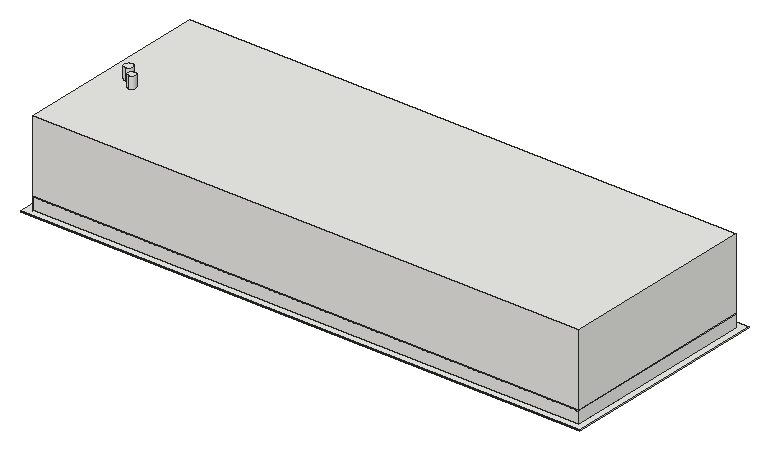
Revit family "AIRTECNICS_AIR CURTAIN_RECESSED WINDBOX_MG_DX-VRF_(LG)_0", category Mechanical Equipment, Revit 2016 (continued)
Definition of nested family "GEOM_WINDBOX_P_RECESSED_DX"
  Automatic sketch dimensions
    Extrusion 38 sketch curve to Extrusion 38 sketch curve = 0.0 mm  (x2)
    Extrusion 39 sketch curve to Extrusion 39 sketch curve = 3.028 mm
    Extrusion 39 sketch curve to Extrusion 39 sketch curve = 3.961 mm
    Extrusion 39 sketch curve to Extrusion 39 sketch curve = 2.97 mm
    Extrusion 39 sketch curve to Extrusion 39 sketch curve = 2.975 mm
    Extrusion 39 sketch curve to Extrusion 39 sketch curve = 0.557 mm
    Extrusion 39 sketch curve to Extrusion 39 sketch curve = 4.0 mm
    Extrusion 39 sketch curve to Extrusion 39 sketch curve = 3.966 mm
    Extrusion 39 sketch curve to Extrusion 39 sketch curve = 0.0 mm  (x2)
    Extrusion 38 sketch curve to Extrusion 38 sketch curve = 25.946 mm
    Extrusion 38 sketch curve to Extrusion 38 sketch curve = 2.037 mm
    Extrusion 38 sketch curve to Extrusion 38 sketch curve = 2.578 mm
    Extrusion 38 sketch curve to Extrusion 38 sketch curve = 2.611 mm
    Extrusion 38 sketch curve to Extrusion 38 sketch curve = 23.162 mm
    Extrusion 39 sketch curve to Extrusion 39 sketch curve = 25.946 mm
    Extrusion 39 sketch curve to Extrusion 39 sketch curve = 2.037 mm
    Extrusion 39 sketch curve to Extrusion 39 sketch curve = 2.578 mm
    Extrusion 39 sketch curve to Extrusion 39 sketch curve = 2.611 mm
    Extrusion 39 sketch curve to Extrusion 39 sketch curve = 23.162 mm
    Extrusion 37 sketch curve to Extrusion 37 sketch curve = 74.0 mm
    Extrusion 37 sketch curve to Extrusion 37 sketch curve = 43.504 mm
    Extrusion 27 sketch curve to Extrusion 27 sketch curve = 74.0 mm
    Extrusion 27 sketch curve to Extrusion 27 sketch curve = 43.504 mm
    Extrusion 30 sketch curve to Extrusion 30 sketch curve = 74.0 mm
    Extrusion 30 sketch curve to Extrusion 30 sketch curve = 43.504 mm
    Extrusion 4 sketch curve to plane 11 = 0.0 mm
    Extrusion 7 sketch curve to plane 3 "Centro (Izquierda/Derecha)" = 0.0 mm
    plane 8 to Extrusion 11 sketch curve = 0.0 mm
    Extrusion 11 sketch curve to plane 24 = 0.0 mm
    Extrusion 11 sketch curve to plane 4 = 0.0 mm
    Extrusion 11 sketch curve to plane 8 = 10.0 mm
    Extrusion 12 sketch curve to plane 24 = 0.0 mm
    Extrusion 12 sketch curve to plane 4 = 0.0 mm
    Extrusion 12 sketch curve to plane 7 = 0.0 mm
    Extrusion 12 sketch curve to plane 7 = 10.0 mm
    Sweep 19 sketch curve to profile plane = 0.0 mm
    Sweep 19 sketch curve to Sweep 19 sketch curve = 0.0 mm  (x2)
    plane 24 to Extrusion 20 sketch curve = 20.494 mm  (x2)
    Extrusion 20 sketch curve to plane 11 = 41.908 mm
    plane 24 to Extrusion 20 sketch curve = 1.964 mm  (x6)
    Extrusion 20 sketch curve to Extrusion 20 sketch curve = 3.179 mm
    Extrusion 20 sketch curve to Extrusion 20 sketch curve = 1.478 mm  (x3)
    Extrusion 20 sketch curve to Extrusion 20 sketch curve = 4.657 mm  (x5)
    Extrusion 20 sketch curve to Extrusion 20 sketch curve = 16.188 mm
    Extrusion 20 sketch curve to plane 11 = 13.228 mm
    plane 11 to Extrusion 20 sketch curve = 9.843 mm
    plane 11 to Extrusion 20 sketch curve = 13.022 mm
    Extrusion 20 sketch curve to Extrusion 20 sketch curve = 0.254 mm  (x3)
    Extrusion 20 sketch curve to Extrusion 20 sketch curve = 18.53 mm
    Extrusion 20 sketch curve to Extrusion 20 sketch curve = 0.0 mm
    Extrusion 20 sketch curve to Extrusion 20 sketch curve = 0.799 mm  (x3)
    plane 1 "Centro (Frontal/Posterior)" to Extrusion 24 sketch curve = 21.764 mm
    Extrusion 24 sketch curve to plane 11 = 43.471 mm
    plane 24 to Extrusion 24 sketch curve = 3.073 mm
    Extrusion 24 sketch curve to Extrusion 24 sketch curve = 3.028 mm
    Extrusion 24 sketch curve to Extrusion 24 sketch curve = 3.961 mm
    Extrusion 24 sketch curve to Extrusion 24 sketch curve = 2.97 mm
    plane 24 to Extrusion 24 sketch curve = 0.496 mm
    Extrusion 24 sketch curve to plane 11 = 11.527 mm
    Extrusion 24 sketch curve to plane 11 = 9.49 mm
    plane 24 to Extrusion 24 sketch curve = 3.107 mm
    Extrusion 24 sketch curve to Extrusion 24 sketch curve = 2.975 mm
    Extrusion 24 sketch curve to Extrusion 24 sketch curve = 0.557 mm
    Extrusion 24 sketch curve to Extrusion 24 sketch curve = 4.0 mm
    Extrusion 24 sketch curve to Extrusion 24 sketch curve = 3.966 mm
    Extrusion 24 sketch curve to Extrusion 24 sketch curve = 0.0 mm  (x2)
    plane 1 "Centro (Frontal/Posterior)" to Extrusion 45 sketch curve = 21.764 mm
    Extrusion 45 sketch curve to plane 11 = 43.471 mm
    plane 24 to Extrusion 45 sketch curve = 3.073 mm
    Extrusion 45 sketch curve to Extrusion 45 sketch curve = 3.028 mm
    Extrusion 45 sketch curve to Extrusion 45 sketch curve = 3.961 mm
    Extrusion 45 sketch curve to Extrusion 45 sketch curve = 2.97 mm
    plane 24 to Extrusion 45 sketch curve = 0.496 mm
    Extrusion 45 sketch curve to plane 11 = 11.527 mm
    Extrusion 45 sketch curve to plane 11 = 9.49 mm
    plane 24 to Extrusion 45 sketch curve = 3.107 mm
    Extrusion 45 sketch curve to Extrusion 45 sketch curve = 2.975 mm
    Extrusion 45 sketch curve to Extrusion 45 sketch curve = 0.557 mm
    Extrusion 45 sketch curve to Extrusion 45 sketch curve = 4.0 mm
    Extrusion 45 sketch curve to Extrusion 45 sketch curve = 3.966 mm
    Extrusion 45 sketch curve to Extrusion 45 sketch curve = 0.0 mm  (x2)
    Extrusion 46 sketch curve to Extrusion 46 sketch curve = 0.0 mm  (x40)
    level to Extrusion 46 sketch curve = 0.881 mm  (x10)
    plane 20 to Extrusion 46 sketch curve = 4.0 mm
    plane 24 to Extrusion 46 sketch curve = 0.179 mm  (x10)
    Extrusion 46 sketch curve to Extrusion 46 sketch curve = 0.07 mm  (x10)
    plane 20 to Extrusion 46 sketch curve = 4.744 mm
    plane 24 to Extrusion 46 sketch curve = 2.811 mm  (x10)
    Extrusion 46 sketch curve to plane 13 = 7.561 mm
    plane 24 to Extrusion 46 sketch curve = 1.787 mm  (x10)
    plane 13 to Extrusion 46 sketch curve = 6.25 mm
    plane 13 to Extrusion 46 sketch curve = 6.4 mm
    Extrusion 46 sketch curve to Extrusion 46 sketch curve = 0.594 mm  (x8)
    Extrusion 46 sketch curve to Extrusion 46 sketch curve = 0.8 mm  (x12)
    plane 13 to Extrusion 46 sketch curve = 7.7 mm
    Extrusion 46 sketch curve to Extrusion 46 sketch curve = 1.007 mm  (x8)
    Extrusion 46 sketch curve to Extrusion 46 sketch curve = 1.3 mm  (x8)
    Extrusion 46 sketch curve to Extrusion 46 sketch curve = 8.369 mm  (x9)
    Extrusion 46 sketch curve to Extrusion 46 sketch curve = 13.01 mm  (x7)
    Extrusion 46 sketch curve to Extrusion 46 sketch curve = 0.08 mm  (x7)
    plane 24 to Extrusion 46 sketch curve = 14.344 mm  (x9)
    plane 24 to Extrusion 46 sketch curve = 13.319 mm  (x9)
    Extrusion 46 sketch curve to Extrusion 46 sketch curve = 0.5 mm  (x2)
    Extrusion 46 sketch curve to Extrusion 46 sketch curve = 13.961 mm  (x2)
    Extrusion 46 sketch curve to Extrusion 46 sketch curve = 0.999 mm
    Extrusion 46 sketch curve to Extrusion 46 sketch curve = 1.743 mm
    Extrusion 46 sketch curve to Extrusion 46 sketch curve = 0.658 mm
    Extrusion 46 sketch curve to Extrusion 46 sketch curve = 8.732 mm  (x10)
    plane 7 to Extrusion 47 sketch curve = 2.0 mm
    plane 8 to Extrusion 47 sketch curve = 2.0 mm
    plane 20 to Extrusion 47 sketch curve = 1.976 mm
    Extrusion 47 sketch curve to plane 5 = 486.1 mm
    Extrusion 2 sketch curve to plane 11 = 55.1 mm
    plane 7 to Extrusion 21 sketch curve = 1.0 mm
    plane 8 to Extrusion 21 sketch curve = 1.0 mm
    Extrusion 5 sketch curve to plane 3 "Centro (Izquierda/Derecha)" = 0.0 mm
    Extrusion 5 sketch curve to plane 11 = 0.0 mm
    plane 1 "Centro (Frontal/Posterior)" to Extrusion 23 sketch curve = 4.0 mm
    Extrusion 23 sketch curve to plane 11 = 42.0 mm
    Extrusion 25 sketch curve to plane 11 = 43.471 mm
    plane 24 to Extrusion 25 sketch curve = 0.496 mm
    Extrusion 26 sketch curve to plane 11 = 43.471 mm
    plane 24 to Extrusion 26 sketch curve = 0.496 mm
    Extrusion 18 sketch curve to plane 7 = 25.0 mm
    Extrusion 16 sketch curve to plane 17 "P2-01" = 0.0 mm
    Extrusion 16 sketch curve to plane 19 "P2-03" = 0.0 mm
    Extrusion 17 sketch curve to plane 14 = 0.0 mm
    Extrusion 17 sketch curve to plane 15 "P1-01" = 0.0 mm
Types (21, lengths in mm): name | Weight | Product Size | Product Reference | Product Heating | Product Description | Power Fans | Noise Level (dB(A)) | Mainfolds | M | Length | Heating Capacity | Gas Coil Volume | G | External Ut. Reference | Expansion Valve | Dn_Metric_Refrig_Liquid | Dn_Metric_Refrig_Gas | DX VRF | DX Coil Rows = 4 | DX Coil Rows = 3 | DX Coil Rows | DX 1:1 | Current Fans | L | CT | CR | CM | CH | Apparent Load | Airflow
  WINDBOX RECG 2500 VRF29-LG | 163.00 kg | "2500" | "RECG 2500 VRF29-LG" | "Direct Expansion VRF system" | "Energy saving heat pump air curtain: Up to 70% reduction in costs and CO2 emissions (heating mode).\r\nSelf-supporting casing construction made of galvanized steel plate, ready to be installed recessed in a false ceiling. \r\nInlet grille (free of maintenance) made with aluminium profiles and blow-out nozzle, integrated in a single white frame colour RAL 9016. Other colours are available on request.  Internal prefilter included.\r\nAnodized aluminium outlet vanes, airfoil shaped, adjustable in both directions.\r\nDouble-inlet centrifugal fans driven by an external rotor motor and low noise level. 5-speed selector. EC models assembled with very low consumption efficiency fans. \r\nIncludes only heating direct expansion coil with installed temperature sensors. Under request it can be modified to work in cooling and heating mode (not recomended) with optional condensate water pump.\r\nPlug&Play control panel CS-5DX-NE slave DX with 5 speeds selector and 7m telephone cable included.\r\nReady to connect to LG VRF outdoor heat pump unit (R410A) and PRLK048A0 expansion valve not included, the customer should purchase it.\r\nRequires PAHCMRA000 LG VRF Interface KIT adapted for air curtain and PREMTB001 programmable control, please consult.\r\nAir Volume: 5110 m3/h \r\nFans:  0,497 kW  4,34 A 230Vx1 50/60Hz\r\nHeating capacity: 28,89 kW\r\nDimensions: 770x310x2550 mm (depth, height, length)\r\nNOT SUPPLIED BY AIRTÈCNICS:\r\nPAHCMRA000 Interface VRF kit and PREMTB001 programmable control.\r\nExpansion valve PRLK048A0.\r\nExternal unit VRF." | 0.497 kW | 64 | "7/8 & 1/2" | no | 2550.0 | 28.89 kW | 5.30 L | yes | "Not available" | "PRLK048A0" | 15 | 20 | yes | yes | no | 4 | no | 4.34 A | 2500.0 | 16 | 2 | 12 | 4 | 994 VA | 5110 m³/h
  WINDBOX RECG 2500 VRF25-LG | 163.00 kg | "2500" | "RECG 2500 VRF25-LG" | "Direct Expansion VRF system" | "Energy saving heat pump air curtain: Up to 70% reduction in costs and CO2 emissions (heating mode).\r\nSelf-supporting casing construction made of galvanized steel plate, ready to be installed recessed in a false ceiling. \r\nInlet grille (free of maintenance) made with aluminium profiles and blow-out nozzle, integrated in a single white frame colour RAL 9016. Other colours are available on request.  Internal prefilter included.\r\nAnodized aluminium outlet vanes, airfoil shaped, adjustable in both directions.\r\nDouble-inlet centrifugal fans driven by an external rotor motor and low noise level. 5-speed selector. EC models assembled with very low consumption efficiency fans. \r\nIncludes only heating direct expansion coil with installed temperature sensors. Under request it can be modified to work in cooling and heating mode (not recomended) with optional condensate water pump.\r\nPlug&Play control panel CS-5DX-NE slave DX with 5 speeds selector and 7m telephone cable included.\r\nReady to connect to LG VRF outdoor heat pump unit (R410A) and PRLK048A0 expansion valve not included, the customer should purchase it.\r\nRequires PAHCMRA000 LG VRF Interface KIT adapted for air curtain and PREMTB001 programmable control, please consult.\r\nAir Volume: 5110 m3/h \r\nFans:  0,497 kW  4,34 A 230Vx1 50/60Hz\r\nHeating capacity: 24,86 kW\r\nDimensions: 770x310x2550 mm (depth, height, length)\r\nNOT SUPPLIED BY AIRTÈCNICS:\r\nPAHCMRA000 Interface VRF kit and PREMTB001 programmable control.\r\nExpansion valve PRLK048A0.\r\nExternal unit VRF." | 0.497 kW | 64 | "7/8 & 1/2" | no | 2550.0 | 24.86 kW | 3.90 L | yes | "Not available" | "PRLK048A0" | 15 | 20 | yes | no | yes | 3 | no | 4.34 A | 2500.0 | 16 | 4 | 12 | 4 | 994 VA | 5110 m³/h
  WINDBOX RECG 2500 DX27-LG | 163.00 kg | "2500" | "RECG 2500 DX27-LG" | "Direct Expansion 1:1 system" | "Energy saving heat pump air curtain: Up to 70% reduction in costs and CO2 emissions (heating mode).\r\nSelf-supporting casing construction made of galvanized steel plate, ready to be installed recessed in a false ceiling. \r\nInlet grille (free of maintenance) made with aluminium profiles and blow-out nozzle, integrated in a single white frame colour RAL 9016. Other colours are available on request.  Internal prefilter included.\r\nAnodized aluminium outlet vanes, airfoil shaped, adjustable in both directions.\r\nDouble-inlet centrifugal fans driven by an external rotor motor and low noise level. 5-speed selector. EC models assembled with very low consumption efficiency fans. \r\nIncludes only heating direct expansion coil with installed temperature sensors. Under request it can be modified to work in cooling and heating mode (not recomended) with optional condensate water pump.\r\nPlug&Play control panel CS-5DX-NE slave DX with 5 speeds selector and 7m telephone cable included.\r\nReady to connect to LG Inverter outdoor heat pump unit (R410A) with expansion valve, not included, the customer should purchase it.\r\nRequires PAHCMRA000 LG DX Interface KIT adapted for air curtain and PREMTB001 programmable control, please consult.\r\nAir Volume: 5110 m3/h \r\nFans:  0,497 kW  4,34 A 230Vx1 50/60Hz\r\nHeating capacity: 27,00 kW\r\nDimensions: 770x310x2550 mm (depth, height, length)\r\nNOT SUPPLIED BY AIRTÈCNICS:\r\nPAHCMRA000 Interface DX kit and PREMTB001 programmable control.\r\nExternal unit:\r\n UU85W U74External unit with direct expansion valve LG, triple phase motor 400Vx3 50Hz.\r\nHeating capacity 27kW. Heating power: 8,31kW. COP 3,25.\r\nCooling capacity 23kW. Cooling power 8,19kW. EER 2,81.\r\nCooling circuits 7/8\" - 1/2\".\r\nMinimum length 5m.\r\nMaximum length 75m.\r\nDesnivell màxim 30m." | 0.497 kW | 64 | "7/8 & 1/2" | no | 2550.0 | 27 kW | 5.30 L | yes | "UU85W U74" | "Included on External Unit" | 15 | 20 | no | yes | no | 4 | yes | 4.34 A | 2500.0 | 16 | 2 | 12 | 2 | 994 VA | 5110 m³/h
  WINDBOX RECG 2500 DX22-LG | 163.00 kg | "2500" | "RECG 2500 DX22-LG" | "Direct Expansion 1:1 system" | "Energy saving heat pump air curtain: Up to 70% reduction in costs and CO2 emissions (heating mode).\r\nSelf-supporting casing construction made of galvanized steel plate, ready to be installed recessed in a false ceiling. \r\nInlet grille (free of maintenance) made with aluminium profiles and blow-out nozzle, integrated in a single white frame colour RAL 9016. Other colours are available on request.  Internal prefilter included.\r\nAnodized aluminium outlet vanes, airfoil shaped, adjustable in both directions.\r\nDouble-inlet centrifugal fans driven by an external rotor motor and low noise level. 5-speed selector. EC models assembled with very low consumption efficiency fans. \r\nIncludes only heating direct expansion coil with installed temperature sensors. Under request it can be modified to work in cooling and heating mode (not recomended) with optional condensate water pump.\r\nPlug&Play control panel CS-5DX-NE slave DX with 5 speeds selector and 7m telephone cable included.\r\nReady to connect to LG Inverter outdoor heat pump unit (R410A) with expansion valve, not included, the customer should purchase it.\r\nRequires PAHCMRA000 LG DX Interface KIT adapted for air curtain and PREMTB001 programmable control, please consult.\r\nAir Volume: 5110 m3/h \r\nFans:  0,497 kW  4,34 A 230Vx1 50/60Hz\r\nHeating capacity: 22,40 kW\r\nDimensions: 770x310x2550 mm (depth, height, length)\r\nNOT SUPPLIED BY AIRTÈCNICS:\r\nPAHCMRA000 Interface DX kit and PREMTB001 programmable control.\r\nExternal unit:\r\n UU70W U34External unit with direct expansion valve LG, triple phase motor 400Vx3 50Hz.\r\nHeating capacity 22,4kW. Heating power: 6,4kW. COP 3,5.\r\nCooling capacity 19kW. Cooling power 6,69kW. EER 2,84.\r\nCooling circuits 1\" - 3/8\".\r\nMinimum length 5m.\r\nMaximum length 75m.\r\nDesnivell màxim 30m." | 0.497 kW | 64 | "1\" & 3/8" | no | 2550.0 | 22.4 kW | 3.90 L | yes | "UU70W U34" | "Included on External Unit" | 10 | 25 | no | no | yes | 3 | yes | 4.34 A | 2500.0 | 16 | 4 | 12 | 2 | 994 VA | 5110 m³/h
  WINDBOX RECG 2000 VRF24-LG | 131.00 kg | "2000" | "RECG 2000 VRF24-LG" | "Direct Expansion VRF system" | "Energy saving heat pump air curtain: Up to 70% reduction in costs and CO2 emissions (heating mode).\r\nSelf-supporting casing construction made of galvanized steel plate, ready to be installed recessed in a false ceiling. \r\nInlet grille (free of maintenance) made with aluminium profiles and blow-out nozzle, integrated in a single white frame colour RAL 9016. Other colours are available on request.  Internal prefilter included.\r\nAnodized aluminium outlet vanes, airfoil shaped, adjustable in both directions.\r\nDouble-inlet centrifugal fans driven by an external rotor motor and low noise level. 5-speed selector. EC models assembled with very low consumption efficiency fans. \r\nIncludes only heating direct expansion coil with installed temperature sensors. Under request it can be modified to work in cooling and heating mode (not recomended) with optional condensate water pump.\r\nPlug&Play control panel CS-5DX-NE slave DX with 5 speeds selector and 7m telephone cable included.\r\nReady to connect to LG VRF outdoor heat pump unit (R410A) and PRLK048A0 expansion valve not included, the customer should purchase it.\r\nRequires PAHCMRA000 LG VRF Interface KIT adapted for air curtain and PREMTB001 programmable control, please consult.\r\nAir Volume: 4380 m3/h \r\nFans:  0,426 kW  3,72 A 230Vx1 50/60Hz\r\nHeating capacity: 23,63 kW\r\nDimensions: 770x310x2050 mm (depth, height, length)\r\nNOT SUPPLIED BY AIRTÈCNICS:\r\nPAHCMRA000 Interface VRF kit and PREMTB001 programmable control.\r\nExpansion valve PRLK048A0.\r\nExternal unit VRF." | 0.426 kW | 63 | "1\" & 3/8" | no | 2050.0 | 23.63 kW | 4.10 L | yes | "Not available" | "PRLK048A0" | 10 | 25 | yes | yes | no | 4 | no | 3.72 A | 2000.0 | 8 | 2 | 12 | 4 | 852 VA | 4380 m³/h
  WINDBOX RECG 2000 DX22-LG | 131.00 kg | "2000" | "RECG 2000 DX22-LG" | "Direct Expansion 1:1 system" | "Energy saving heat pump air curtain: Up to 70% reduction in costs and CO2 emissions (heating mode).\r\nSelf-supporting casing construction made of galvanized steel plate, ready to be installed recessed in a false ceiling. \r\nInlet grille (free of maintenance) made with aluminium profiles and blow-out nozzle, integrated in a single white frame colour RAL 9016. Other colours are available on request.  Internal prefilter included.\r\nAnodized aluminium outlet vanes, airfoil shaped, adjustable in both directions.\r\nDouble-inlet centrifugal fans driven by an external rotor motor and low noise level. 5-speed selector. EC models assembled with very low consumption efficiency fans. \r\nIncludes only heating direct expansion coil with installed temperature sensors. Under request it can be modified to work in cooling and heating mode (not recomended) with optional condensate water pump.\r\nPlug&Play control panel CS-5DX-NE slave DX with 5 speeds selector and 7m telephone cable included.\r\nReady to connect to LG Inverter outdoor heat pump unit (R410A) with expansion valve, not included, the customer should purchase it.\r\nRequires PAHCMRA000 LG DX Interface KIT adapted for air curtain and PREMTB001 programmable control, please consult.\r\nAir Volume: 4380 m3/h \r\nFans:  0,426 kW  3,72 A 230Vx1 50/60Hz\r\nHeating capacity: 22,40 kW\r\nDimensions: 770x310x2050 mm (depth, height, length)\r\nNOT SUPPLIED BY AIRTÈCNICS:\r\nPAHCMRA000 Interface DX kit and PREMTB001 programmable control.\r\nExternal unit:\r\n UU70W U34External unit with direct expansion valve LG, triple phase motor 400Vx3 50Hz.\r\nHeating capacity 22,4kW. Heating power: 6,4kW. COP 3,5.\r\nCooling capacity 19kW. Cooling power 6,69kW. EER 2,84.\r\nCooling circuits 1\" - 3/8\".\r\nMinimum length 5m.\r\nMaximum length 75m.\r\nDesnivell màxim 30m." | 0.426 kW | 63 | "1\" & 3/8" | no | 2050.0 | 22.4 kW | 4.10 L | yes | "UU70W U34" | "Included on External Unit" | 10 | 25 | no | yes | no | 4 | yes | 3.72 A | 2000.0 | 8 | 2 | 12 | 2 | 852 VA | 4380 m³/h
  WINDBOX RECG 1500 VRF15-LG | 98.00 kg | "1500" | "RECG 1500 VRF15-LG" | "Direct Expansion VRF system" | "Energy saving heat pump air curtain: Up to 70% reduction in costs and CO2 emissions (heating mode).\r\nSelf-supporting casing construction made of galvanized steel plate, ready to be installed recessed in a false ceiling. \r\nInlet grille (free of maintenance) made with aluminium profiles and blow-out nozzle, integrated in a single white frame colour RAL 9016. Other colours are available on request.  Internal prefilter included.\r\nAnodized aluminium outlet vanes, airfoil shaped, adjustable in both directions.\r\nDouble-inlet centrifugal fans driven by an external rotor motor and low noise level. 5-speed selector. EC models assembled with very low consumption efficiency fans. \r\nIncludes only heating direct expansion coil with installed temperature sensors. Under request it can be modified to work in cooling and heating mode (not recomended) with optional condensate water pump.\r\nPlug&Play control panel CS-5DX-NE slave DX with 5 speeds selector and 7m telephone cable included.\r\nReady to connect to LG VRF outdoor heat pump unit (R410A) and PRLK048A0 expansion valve not included, the customer should purchase it.\r\nRequires PAHCMRA000 LG VRF Interface KIT adapted for air curtain and PREMTB001 programmable control, please consult.\r\nAir Volume: 2920 m3/h \r\nFans:  0,284 kW  2,48 A 230Vx1 50/60Hz\r\nHeating capacity: 15,32 kW\r\nDimensions: 770x310x1550 mm (depth, height, length)\r\nNOT SUPPLIED BY AIRTÈCNICS:\r\nPAHCMRA000 Interface VRF kit and PREMTB001 programmable control.\r\nExpansion valve PRLK048A0.\r\nExternal unit VRF." | 0.284 kW | 62 | "5/8 & 3/8" | no | 1550.0 | 15.32 kW | 3.00 L | yes | "Not available" | "PRLK048A0" | 10 | 16 | yes | yes | no | 4 | no | 2.48 A | 1500.0 | 4 | 2 | 12 | 4 | 568 VA | 2920 m³/h
  WINDBOX RECG 1500 DX15-LG | 98.00 kg | "1500" | "RECG 1500 DX15-LG" | "Direct Expansion 1:1 system" | "Energy saving heat pump air curtain: Up to 70% reduction in costs and CO2 emissions (heating mode).\r\nSelf-supporting casing construction made of galvanized steel plate, ready to be installed recessed in a false ceiling. \r\nInlet grille (free of maintenance) made with aluminium profiles and blow-out nozzle, integrated in a single white frame colour RAL 9016. Other colours are available on request.  Internal prefilter included.\r\nAnodized aluminium outlet vanes, airfoil shaped, adjustable in both directions.\r\nDouble-inlet centrifugal fans driven by an external rotor motor and low noise level. 5-speed selector. EC models assembled with very low consumption efficiency fans. \r\nIncludes only heating direct expansion coil with installed temperature sensors. Under request it can be modified to work in cooling and heating mode (not recomended) with optional condensate water pump.\r\nPlug&Play control panel CS-5DX-NE slave DX with 5 speeds selector and 7m telephone cable included.\r\nReady to connect to LG Inverter outdoor heat pump unit (R410A) with expansion valve, not included, the customer should purchase it.\r\nRequires PAHCMRA000 LG DX Interface KIT adapted for air curtain and PREMTB001 programmable control, please consult.\r\nAir Volume: 2920 m3/h \r\nFans:  0,284 kW  2,48 A 230Vx1 50/60Hz\r\nHeating capacity: 15,32 kW\r\nDimensions: 770x310x1550 mm (depth, height, length)\r\nNOT SUPPLIED BY AIRTÈCNICS:\r\nPAHCMRA000 Interface DX kit and PREMTB001 programmable control.\r\nExternal unit:\r\nOption 1: UU48W U32\r\nExternal unit with direct expansion valve LG, single phase motor 230Vx1 50Hz.\r\nHeating capacity 15,4kW. Heating power: 4,39kW. COP 3,5.\r\nCooling capacity 14kW. Cooling power 4,1kW. EER 3,41.\r\nCooling circuits 5/8\" - 3/8\".\r\nMinimum length 5m.\r\nMaximum length 75m.\r\nDesnivell màxim 30m.\r\nOption 2: UU49W U32\r\nExternal unit with direct expansion valve LG, triple phase motor 400Vx3 50Hz.\r\nHeating capacity 15,4kW. Heating power: 4,39kW. COP 3,5.\r\nCooling capacity 14kW. Cooling power 4,1kW. EER 3,41.\r\nCooling circuits 5/8\" - 3/8\".\r\nMinimum length 5m.\r\nMaximum length 75m.\r\nDesnivell màxim 30m." | 0.284 kW | 62 | "5/8 & 3/8" | no | 1550.0 | 15.32 kW | 3.00 L | yes | "UU49W U32" | "Included on External Unit" | 10 | 16 | no | yes | no | 4 | yes | 2.48 A | 1500.0 | 4 | 2 | 12 | 2 | 568 VA | 2920 m³/h
  WINDBOX RECG 1000 VRF10-LG | 67.00 kg | "1000" | "RECG 1000 VRF10-LG" | "Direct Expansion VRF system" | "Energy saving heat pump air curtain: Up to 70% reduction in costs and CO2 emissions (heating mode).\r\nSelf-supporting casing construction made of galvanized steel plate, ready to be installed recessed in a false ceiling. \r\nInlet grille (free of maintenance) made with aluminium profiles and blow-out nozzle, integrated in a single white frame colour RAL 9016. Other colours are available on request.  Internal prefilter included.\r\nAnodized aluminium outlet vanes, airfoil shaped, adjustable in both directions.\r\nDouble-inlet centrifugal fans driven by an external rotor motor and low noise level. 5-speed selector. EC models assembled with very low consumption efficiency fans. \r\nIncludes only heating direct expansion coil with installed temperature sensors. Under request it can be modified to work in cooling and heating mode (not recomended) with optional condensate water pump.\r\nPlug&Play control panel CS-5DX-NE slave DX with 5 speeds selector and 7m telephone cable included.\r\nReady to connect to LG VRF outdoor heat pump unit (R410A) and PRLK048A0 expansion valve not included, the customer should purchase it.\r\nRequires PAHCMRA000 LG VRF Interface KIT adapted for air curtain and PREMTB001 programmable control, please consult.\r\nAir Volume: 2190 m3/h \r\nFans:  0,213 kW  1,86 A 230Vx1 50/60Hz\r\nHeating capacity: 9,70 kW\r\nDimensions: 770x310x1050 mm (depth, height, length)\r\nNOT SUPPLIED BY AIRTÈCNICS:\r\nPAHCMRA000 Interface VRF kit and PREMTB001 programmable control.\r\nExpansion valve PRLK048A0.\r\nExternal unit VRF." | 0.213 kW | 61 | "5/8 & 3/8" | no | 1050.0 | 9.7 kW | 1.80 L | yes | "Not available" | "PRLK048A0" | 10 | 16 | yes | yes | no | 4 | no | 1.86 A | 1000.0 | 2 | 2 | 12 | 4 | 426 VA | 2190 m³/h
  WINDBOX RECG 1000 DX9-LG | 67.00 kg | "1000" | "RECG 1000 DX9-LG" | "Direct Expansion 1:1 system" | "Energy saving heat pump air curtain: Up to 70% reduction in costs and CO2 emissions (heating mode).\r\nSelf-supporting casing construction made of galvanized steel plate, ready to be installed recessed in a false ceiling. \r\nInlet grille (free of maintenance) made with aluminium profiles and blow-out nozzle, integrated in a single white frame colour RAL 9016. Other colours are available on request.  Internal prefilter included.\r\nAnodized aluminium outlet vanes, airfoil shaped, adjustable in both directions.\r\nDouble-inlet centrifugal fans driven by an external rotor motor and low noise level. 5-speed selector. EC models assembled with very low consumption efficiency fans. \r\nIncludes only heating direct expansion coil with installed temperature sensors. Under request it can be modified to work in cooling and heating mode (not recomended) with optional condensate water pump.\r\nPlug&Play control panel CS-5DX-NE slave DX with 5 speeds selector and 7m telephone cable included.\r\nReady to connect to LG Inverter outdoor heat pump unit (R410A) with expansion valve, not included, the customer should purchase it.\r\nRequires PAHCMRA000 LG DX Interface KIT adapted for air curtain and PREMTB001 programmable control, please consult.\r\nAir Volume: 2190 m3/h \r\nFans:  0,213 kW  1,86 A 230Vx1 50/60Hz\r\nHeating capacity: 9,00 kW\r\nDimensions: 770x310x1050 mm (depth, height, length)\r\nNOT SUPPLIED BY AIRTÈCNICS:\r\nPAHCMRA000 Interface DX kit and PREMTB001 programmable control.\r\nExternal unit:\r\n UU30W U44\r\nExternal unit with direct expansion valve LG, single phase motor 230Vx1 50Hz.\r\nHeating capacity 9kW. Heating power: 2,62kW. SCOP 4.\r\nCooling capacity 7,8kW. Cooling power 2,41kW. SEER 6,1.\r\nCooling circuits 5/8\" - 3/8\".\r\nMinimum length 5m.\r\nMaximum length 50m.\r\nDesnivell màxim 30m." | 0.213 kW | 61 | "5/8 & 3/8" | no | 1050.0 | 9 kW | 1.80 L | yes | "Only Single Phase" | "Included on External Unit" | 10 | 16 | no | yes | no | 4 | yes | 1.86 A | 1000.0 | 2 | 2 | 12 | 2 | 426 VA | 2190 m³/h
  WINDBOX RECM 2500 VRF24-LG | 153.00 kg | "2500" | "RECM 2500 VRF24-LG" | "Direct Expansion VRF system" | "Energy saving heat pump air curtain: Up to 70% reduction in costs and CO2 emissions (heating mode).\r\nSelf-supporting casing construction made of galvanized steel plate, ready to be installed recessed in a false ceiling. \r\nInlet grille (free of maintenance) made with aluminium profiles and blow-out nozzle, integrated in a single white frame colour RAL 9016. Other colours are available on request.  Internal prefilter included.\r\nAnodized aluminium outlet vanes, airfoil shaped, adjustable in both directions.\r\nDouble-inlet centrifugal fans driven by an external rotor motor and low noise level. 5-speed selector. EC models assembled with very low consumption efficiency fans. \r\nIncludes only heating direct expansion coil with installed temperature sensors. Under request it can be modified to work in cooling and heating mode (not recomended) with optional condensate water pump.\r\nPlug&Play control panel CS-5DX-NE slave DX with 5 speeds selector and 7m telephone cable included.\r\nReady to connect to LG VRF outdoor heat pump unit (R410A) and PRLK048A0 expansion valve not included, the customer should purchase it.\r\nRequires PAHCMRA000 LG VRF Interface KIT adapted for air curtain and PREMTB001 programmable control, please consult.\r\nAir Volume: 4100 m3/h \r\nFans:  0,355 kW  3,1 A 230Vx1 50/60Hz\r\nHeating capacity: 24,38 kW\r\nDimensions: 770x310x2550 mm (depth, height, length)\r\nNOT SUPPLIED BY AIRTÈCNICS:\r\nPAHCMRA000 Interface VRF kit and PREMTB001 programmable control.\r\nExpansion valve PRLK048A0.\r\nExternal unit VRF." | 0.355 kW | 59 | "7/8 & 1/2" | yes | 2550.0 | 24.38 kW | 5.30 L | no | "Not available" | "PRLK048A0" | 15 | 20 | yes | yes | no | 4 | no | 3.1 A | 2500.0 | 16 | 2 | 6 | 4 | 710 VA | 4100 m³/h
  WINDBOX RECM 2500 VRF21-LG | 153.00 kg | "2500" | "RECM 2500 VRF21-LG" | "Direct Expansion VRF system" | "Energy saving heat pump air curtain: Up to 70% reduction in costs and CO2 emissions (heating mode).\r\nSelf-supporting casing construction made of galvanized steel plate, ready to be installed recessed in a false ceiling. \r\nInlet grille (free of maintenance) made with aluminium profiles and blow-out nozzle, integrated in a single white frame colour RAL 9016. Other colours are available on request.  Internal prefilter included.\r\nAnodized aluminium outlet vanes, airfoil shaped, adjustable in both directions.\r\nDouble-inlet centrifugal fans driven by an external rotor motor and low noise level. 5-speed selector. EC models assembled with very low consumption efficiency fans. \r\nIncludes only heating direct expansion coil with installed temperature sensors. Under request it can be modified to work in cooling and heating mode (not recomended) with optional condensate water pump.\r\nPlug&Play control panel CS-5DX-NE slave DX with 5 speeds selector and 7m telephone cable included.\r\nReady to connect to LG VRF outdoor heat pump unit (R410A) and PRLK048A0 expansion valve not included, the customer should purchase it.\r\nRequires PAHCMRA000 LG VRF Interface KIT adapted for air curtain and PREMTB001 programmable control, please consult.\r\nAir Volume: 4100 m3/h \r\nFans:  0,355 kW  3,1 A 230Vx1 50/60Hz\r\nHeating capacity: 21,20 kW\r\nDimensions: 770x310x2550 mm (depth, height, length)\r\nNOT SUPPLIED BY AIRTÈCNICS:\r\nPAHCMRA000 Interface VRF kit and PREMTB001 programmable control.\r\nExpansion valve PRLK048A0.\r\nExternal unit VRF." | 0.355 kW | 59 | "1\" & 3/8" | yes | 2550.0 | 21.2 kW | 3.90 L | no | "Not available" | "PRLK048A0" | 10 | 25 | yes | no | yes | 3 | no | 3.1 A | 2500.0 | 16 | 4 | 6 | 4 | 710 VA | 4100 m³/h
  WINDBOX RECM 2500 DX22-LG | 153.00 kg | "2500" | "RECM 2500 DX22-LG" | "Direct Expansion 1:1 system" | "Energy saving heat pump air curtain: Up to 70% reduction in costs and CO2 emissions (heating mode).\r\nSelf-supporting casing construction made of galvanized steel plate, ready to be installed recessed in a false ceiling. \r\nInlet grille (free of maintenance) made with aluminium profiles and blow-out nozzle, integrated in a single white frame colour RAL 9016. Other colours are available on request.  Internal prefilter included.\r\nAnodized aluminium outlet vanes, airfoil shaped, adjustable in both directions.\r\nDouble-inlet centrifugal fans driven by an external rotor motor and low noise level. 5-speed selector. EC models assembled with very low consumption efficiency fans. \r\nIncludes only heating direct expansion coil with installed temperature sensors. Under request it can be modified to work in cooling and heating mode (not recomended) with optional condensate water pump.\r\nPlug&Play control panel CS-5DX-NE slave DX with 5 speeds selector and 7m telephone cable included.\r\nReady to connect to LG Inverter outdoor heat pump unit (R410A) with expansion valve, not included, the customer should purchase it.\r\nRequires PAHCMRA000 LG DX Interface KIT adapted for air curtain and PREMTB001 programmable control, please consult.\r\nAir Volume: 4100 m3/h \r\nFans:  0,355 kW  3,1 A 230Vx1 50/60Hz\r\nHeating capacity: 22,40 kW\r\nDimensions: 770x310x2550 mm (depth, height, length)\r\nNOT SUPPLIED BY AIRTÈCNICS:\r\nPAHCMRA000 Interface DX kit and PREMTB001 programmable control.\r\nExternal unit:\r\n UU70W U34External unit with direct expansion valve LG, triple phase motor 400Vx3 50Hz.\r\nHeating capacity 22,4kW. Heating power: 6,4kW. COP 3,5.\r\nCooling capacity 19kW. Cooling power 6,69kW. EER 2,84.\r\nCooling circuits 1\" - 3/8\".\r\nMinimum length 5m.\r\nMaximum length 75m.\r\nDesnivell màxim 30m." | 0.355 kW | 59 | "1\" & 3/8" | yes | 2550.0 | 22.4 kW | 5.30 L | no | "UU70W U34" | "Included on External Unit" | 10 | 25 | no | yes | no | 4 | yes | 3.1 A | 2500.0 | 16 | 2 | 6 | 2 | 710 VA | 4100 m³/h
  WINDBOX RECM 2000 VRF19-LG | 122.00 kg | "2000" | "RECM 2000 VRF19-LG" | "Direct Expansion VRF system" | "Energy saving heat pump air curtain: Up to 70% reduction in costs and CO2 emissions (heating mode).\r\nSelf-supporting casing construction made of galvanized steel plate, ready to be installed recessed in a false ceiling. \r\nInlet grille (free of maintenance) made with aluminium profiles and blow-out nozzle, integrated in a single white frame colour RAL 9016. Other colours are available on request.  Internal prefilter included.\r\nAnodized aluminium outlet vanes, airfoil shaped, adjustable in both directions.\r\nDouble-inlet centrifugal fans driven by an external rotor motor and low noise level. 5-speed selector. EC models assembled with very low consumption efficiency fans. \r\nIncludes only heating direct expansion coil with installed temperature sensors. Under request it can be modified to work in cooling and heating mode (not recomended) with optional condensate water pump.\r\nPlug&Play control panel CS-5DX-NE slave DX with 5 speeds selector and 7m telephone cable included.\r\nReady to connect to LG VRF outdoor heat pump unit (R410A) and PRLK048A0 expansion valve not included, the customer should purchase it.\r\nRequires PAHCMRA000 LG VRF Interface KIT adapted for air curtain and PREMTB001 programmable control, please consult.\r\nAir Volume: 3280 m3/h \r\nFans:  0,284 kW  2,48 A 230Vx1 50/60Hz\r\nHeating capacity: 18,86 kW\r\nDimensions: 770x310x2050 mm (depth, height, length)\r\nNOT SUPPLIED BY AIRTÈCNICS:\r\nPAHCMRA000 Interface VRF kit and PREMTB001 programmable control.\r\nExpansion valve PRLK048A0.\r\nExternal unit VRF." | 0.284 kW | 58 | "1\" & 3/8" | yes | 2050.0 | 18.86 kW | 4.10 L | no | "Not available" | "PRLK048A0" | 10 | 25 | yes | yes | no | 4 | no | 2.48 A | 2000.0 | 8 | 2 | 6 | 4 | 568 VA | 3280 m³/h
  WINDBOX RECM 2000 VRF16-LG | 122.00 kg | "2000" | "RECM 2000 VRF16-LG" | "Direct Expansion VRF system" | "Energy saving heat pump air curtain: Up to 70% reduction in costs and CO2 emissions (heating mode).\r\nSelf-supporting casing construction made of galvanized steel plate, ready to be installed recessed in a false ceiling. \r\nInlet grille (free of maintenance) made with aluminium profiles and blow-out nozzle, integrated in a single white frame colour RAL 9016. Other colours are available on request.  Internal prefilter included.\r\nAnodized aluminium outlet vanes, airfoil shaped, adjustable in both directions.\r\nDouble-inlet centrifugal fans driven by an external rotor motor and low noise level. 5-speed selector. EC models assembled with very low consumption efficiency fans. \r\nIncludes only heating direct expansion coil with installed temperature sensors. Under request it can be modified to work in cooling and heating mode (not recomended) with optional condensate water pump.\r\nPlug&Play control panel CS-5DX-NE slave DX with 5 speeds selector and 7m telephone cable included.\r\nReady to connect to LG VRF outdoor heat pump unit (R410A) and PRLK048A0 expansion valve not included, the customer should purchase it.\r\nRequires PAHCMRA000 LG VRF Interface KIT adapted for air curtain and PREMTB001 programmable control, please consult.\r\nAir Volume: 3280 m3/h \r\nFans:  0,284 kW  2,48 A 230Vx1 50/60Hz\r\nHeating capacity: 16,44 kW\r\nDimensions: 770x310x2050 mm (depth, height, length)\r\nNOT SUPPLIED BY AIRTÈCNICS:\r\nPAHCMRA000 Interface VRF kit and PREMTB001 programmable control.\r\nExpansion valve PRLK048A0.\r\nExternal unit VRF." | 0.284 kW | 58 | "5/8 & 3/8" | yes | 2050.0 | 16.44 kW | 3.10 L | no | "Not available" | "PRLK048A0" | 10 | 16 | yes | no | yes | 3 | no | 2.48 A | 2000.0 | 8 | 4 | 6 | 4 | 568 VA | 3280 m³/h
  WINDBOX RECM 2000 DX17-LG | 122.00 kg | "2000" | "RECM 2000 DX17-LG" | "Direct Expansion 1:1 system" | "Energy saving heat pump air curtain: Up to 70% reduction in costs and CO2 emissions (heating mode).\r\nSelf-supporting casing construction made of galvanized steel plate, ready to be installed recessed in a false ceiling. \r\nInlet grille (free of maintenance) made with aluminium profiles and blow-out nozzle, integrated in a single white frame colour RAL 9016. Other colours are available on request.  Internal prefilter included.\r\nAnodized aluminium outlet vanes, airfoil shaped, adjustable in both directions.\r\nDouble-inlet centrifugal fans driven by an external rotor motor and low noise level. 5-speed selector. EC models assembled with very low consumption efficiency fans. \r\nIncludes only heating direct expansion coil with installed temperature sensors. Under request it can be modified to work in cooling and heating mode (not recomended) with optional condensate water pump.\r\nPlug&Play control panel CS-5DX-NE slave DX with 5 speeds selector and 7m telephone cable included.\r\nReady to connect to LG Inverter outdoor heat pump unit (R410A) with expansion valve, not included, the customer should purchase it.\r\nRequires PAHCMRA000 LG DX Interface KIT adapted for air curtain and PREMTB001 programmable control, please consult.\r\nAir Volume: 3280 m3/h \r\nFans:  0,284 kW  2,48 A 230Vx1 50/60Hz\r\nHeating capacity: 17,00 kW\r\nDimensions: 770x310x2050 mm (depth, height, length)\r\nNOT SUPPLIED BY AIRTÈCNICS:\r\nPAHCMRA000 Interface DX kit and PREMTB001 programmable control.\r\nExternal unit:\r\nOption 1: UU60W U32\r\nExternal unit with direct expansion valve LG, single phase motor 230Vx1 50Hz.\r\nHeating capacity 16,8kW. Heating power: 4,79kW. COP 3,51.\r\nCooling capacity 14,8kW. Cooling power 5,53kW. EER 3,31.\r\nCooling circuits 5/8\" - 3/8\".\r\nMinimum length 5m.\r\nMaximum length 75m.\r\nDesnivell màxim 30m.\r\nOption 2: UU61W U32\r\nExternal unit with direct expansion valve LG, triple phase motor 400Vx3 50Hz.\r\nHeating capacity 16,8kW. Heating power: 4,79kW. COP 3,51.\r\nCooling capacity 14,8kW. Cooling power 5,53kW. EER 3,31.\r\nCooling circuits 5/8\" - 3/8\".\r\nMinimum length 5m.\r\nMaximum length 75m.\r\nDesnivell màxim 30m." | 0.284 kW | 58 | "5/8 & 3/8" | yes | 2050.0 | 17 kW | 4.10 L | no | "UU61W U32" | "Included on External Unit" | 10 | 16 | no | yes | no | 4 | yes | 2.48 A | 2000.0 | 8 | 2 | 6 | 2 | 568 VA | 3280 m³/h
  WINDBOX RECM 2000 DX15-LG | 122.00 kg | "2000" | "RECM 2000 DX15-LG" | "Direct Expansion 1:1 system" | "Energy saving heat pump air curtain: Up to 70% reduction in costs and CO2 emissions (heating mode).\r\nSelf-supporting casing construction made of galvanized steel plate, ready to be installed recessed in a false ceiling. \r\nInlet grille (free of maintenance) made with aluminium profiles and blow-out nozzle, integrated in a single white frame colour RAL 9016. Other colours are available on request.  Internal prefilter included.\r\nAnodized aluminium outlet vanes, airfoil shaped, adjustable in both directions.\r\nDouble-inlet centrifugal fans driven by an external rotor motor and low noise level. 5-speed selector. EC models assembled with very low consumption efficiency fans. \r\nIncludes only heating direct expansion coil with installed temperature sensors. Under request it can be modified to work in cooling and heating mode (not recomended) with optional condensate water pump.\r\nPlug&Play control panel CS-5DX-NE slave DX with 5 speeds selector and 7m telephone cable included.\r\nReady to connect to LG Inverter outdoor heat pump unit (R410A) with expansion valve, not included, the customer should purchase it.\r\nRequires PAHCMRA000 LG DX Interface KIT adapted for air curtain and PREMTB001 programmable control, please consult.\r\nAir Volume: 3280 m3/h \r\nFans:  0,284 kW  2,48 A 230Vx1 50/60Hz\r\nHeating capacity: 15,4 kW\r\nDimensions: 770x310x2050 mm (depth, height, length)\r\nNOT SUPPLIED BY AIRTÈCNICS:\r\nPAHCMRA000 Interface DX kit and PREMTB001 programmable control.\r\nExternal unit:\r\nOption 1: UU48W U32\r\nExternal unit with direct expansion valve LG, single phase motor 230Vx1 50Hz.\r\nHeating capacity 15,4kW. Heating power: 4,39kW. COP 3,5.\r\nCooling capacity 14kW. Cooling power 4,1kW. EER 3,41.\r\nCooling circuits 5/8\" - 3/8\".\r\nMinimum length 5m.\r\nMaximum length 75m.\r\nDesnivell màxim 30m.\r\nOption 2: UU49W U32\r\nExternal unit with direct expansion valve LG, triple phase motor 400Vx3 50Hz.\r\nHeating capacity 15,4kW. Heating power: 4,39kW. COP 3,5.\r\nCooling capacity 14kW. Cooling power 4,1kW. EER 3,41.\r\nCooling circuits 5/8\" - 3/8\".\r\nMinimum length 5m.\r\nMaximum length 75m.\r\nDesnivell màxim 30m." | 0.284 kW | 58 | "5/8 & 3/8" | yes | 2050.0 | 15.4 kW | 3.10 L | no | "UU49W U32" | "Included on External Unit" | 10 | 16 | no | no | yes | 3 | yes | 2.48 A | 2000.0 | 8 | 4 | 6 | 2 | 568 VA | 3280 m³/h
  WINDBOX RECM 1500 VRF13-LG | 93.00 kg | "1500" | "RECM 1500 VRF13-LG" | "Direct Expansion VRF system" | "Energy saving heat pump air curtain: Up to 70% reduction in costs and CO2 emissions (heating mode).\r\nSelf-supporting casing construction made of galvanized steel plate, ready to be installed recessed in a false ceiling. \r\nInlet grille (free of maintenance) made with aluminium profiles and blow-out nozzle, integrated in a single white frame colour RAL 9016. Other colours are available on request.  Internal prefilter included.\r\nAnodized aluminium outlet vanes, airfoil shaped, adjustable in both directions.\r\nDouble-inlet centrifugal fans driven by an external rotor motor and low noise level. 5-speed selector. EC models assembled with very low consumption efficiency fans. \r\nIncludes only heating direct expansion coil with installed temperature sensors. Under request it can be modified to work in cooling and heating mode (not recomended) with optional condensate water pump.\r\nPlug&Play control panel CS-5DX-NE slave DX with 5 speeds selector and 7m telephone cable included.\r\nReady to connect to LG VRF outdoor heat pump unit (R410A) and PRLK048A0 expansion valve not included, the customer should purchase it.\r\nRequires PAHCMRA000 LG VRF Interface KIT adapted for air curtain and PREMTB001 programmable control, please consult.\r\nAir Volume: 2460 m3/h \r\nFans:  0,213 kW  1,86 A 230Vx1 50/60Hz\r\nHeating capacity: 13,47 kW\r\nDimensions: 770x310x1550 mm (depth, height, length)\r\nNOT SUPPLIED BY AIRTÈCNICS:\r\nPAHCMRA000 Interface VRF kit and PREMTB001 programmable control.\r\nExpansion valve PRLK048A0.\r\nExternal unit VRF." | 0.213 kW | 57 | "5/8 & 3/8" | yes | 1550.0 | 13.47 kW | 3.00 L | no | "Not available" | "PRLK048A0" | 10 | 16 | yes | yes | no | 4 | no | 1.86 A | 1500.0 | 4 | 2 | 6 | 4 | 426 VA | 2460 m³/h
  WINDBOX RECM 1500 DX11-LG | 93.00 kg | "1500" | "RECM 1500 DX11-LG" | "Direct Expansion 1:1 system" | "Energy saving heat pump air curtain: Up to 70% reduction in costs and CO2 emissions (heating mode).\r\nSelf-supporting casing construction made of galvanized steel plate, ready to be installed recessed in a false ceiling. \r\nInlet grille (free of maintenance) made with aluminium profiles and blow-out nozzle, integrated in a single white frame colour RAL 9016. Other colours are available on request.  Internal prefilter included.\r\nAnodized aluminium outlet vanes, airfoil shaped, adjustable in both directions.\r\nDouble-inlet centrifugal fans driven by an external rotor motor and low noise level. 5-speed selector. EC models assembled with very low consumption efficiency fans. \r\nIncludes only heating direct expansion coil with installed temperature sensors. Under request it can be modified to work in cooling and heating mode (not recomended) with optional condensate water pump.\r\nPlug&Play control panel CS-5DX-NE slave DX with 5 speeds selector and 7m telephone cable included.\r\nReady to connect to LG Inverter outdoor heat pump unit (R410A) with expansion valve, not included, the customer should purchase it.\r\nRequires PAHCMRA000 LG DX Interface KIT adapted for air curtain and PREMTB001 programmable control, please consult.\r\nAir Volume: 2460 m3/h \r\nFans:  0,213 kW  1,86 A 230Vx1 50/60Hz\r\nHeating capacity: 11,2 kW\r\nDimensions: 770x310x1550 mm (depth, height, length)\r\nNOT SUPPLIED BY AIRTÈCNICS:\r\nPAHCMRA000 Interface DX kit and PREMTB001 programmable control.\r\nExternal unit:\r\nOption 1: UU36W UO2\r\nExternal unit with direct expansion valve LG, single phase motor 230Vx1 50Hz.\r\nHeating capacity 11,2kW. Heating power: 3,19kW. SCOP 3,81.\r\nCooling capacity 10kW. Cooling power 3,12kW. SEER 5,11.\r\nCooling circuits 5/8\" - 3/8\".\r\nMinimum length 5m.\r\nMaximum length 50m.\r\nDesnivell màxim 30m.\r\nOption 2: UU37W UO2\r\nExternal unit with direct expansion valve LG, triple phase motor 400Vx3 50Hz.\r\nHeating capacity 11,2kW. Heating power: 3,19kW. SCOP 3,81.\r\nCooling capacity 10kW. Cooling power 3,12kW. SEER 5,11.\r\nCooling circuits 5/8\" - 3/8\".\r\nMinimum length 5m.\r\nMaximum length 50m.\r\nDesnivell màxim 30m." | 0.213 kW | 57 | "5/8 & 3/8" | yes | 1550.0 | 11.2 kW | 2.20 L | no | "UU37W UO2" | "Included on External Unit" | 10 | 16 | no | no | yes | 3 | yes | 1.86 A | 1500.0 | 4 | 4 | 6 | 2 | 426 VA | 2460 m³/h
  WINDBOX RECM 1000 VRF8-LG | 63.00 kg | "1000" | "RECM 1000 VRF8-LG" | "Direct Expansion VRF system" | "Energy saving heat pump air curtain: Up to 70% reduction in costs and CO2 emissions (heating mode).\r\nSelf-supporting casing construction made of galvanized steel plate, ready to be installed recessed in a false ceiling. \r\nInlet grille (free of maintenance) made with aluminium profiles and blow-out nozzle, integrated in a single white frame colour RAL 9016. Other colours are available on request.  Internal prefilter included.\r\nAnodized aluminium outlet vanes, airfoil shaped, adjustable in both directions.\r\nDouble-inlet centrifugal fans driven by an external rotor motor and low noise level. 5-speed selector. EC models assembled with very low consumption efficiency fans. \r\nIncludes only heating direct expansion coil with installed temperature sensors. Under request it can be modified to work in cooling and heating mode (not recomended) with optional condensate water pump.\r\nPlug&Play control panel CS-5DX-NE slave DX with 5 speeds selector and 7m telephone cable included.\r\nReady to connect to LG VRF outdoor heat pump unit (R410A) and PRLK048A0 expansion valve not included, the customer should purchase it.\r\nRequires PAHCMRA000 LG VRF Interface KIT adapted for air curtain and PREMTB001 programmable control, please consult.\r\nAir Volume: 1640 m3/h \r\nFans:  0,142 kW  1,24 A 230Vx1 50/60Hz\r\nHeating capacity: 7,9 kW\r\nDimensions: 770x310x1050 mm (depth, height, length)\r\nNOT SUPPLIED BY AIRTÈCNICS:\r\nPAHCMRA000 Interface VRF kit and PREMTB001 programmable control.\r\nExpansion valve PRLK048A0.\r\nExternal unit VRF." | 0.142 kW | 56 | "5/8 & 3/8" | yes | 1050.0 | 7.9 kW | 1.80 L | no | "Not available" | "PRLK048A0" | 10 | 16 | yes | yes | no | 4 | no | 1.24 A | 1000.0 | 2 | 2 | 6 | 4 | 145 VA | 1640 m³/h
  WINDBOX RECM 1000 DX8-LG | 63.00 kg | "1000" | "RECM 1000 DX8-LG" | "Direct Expansion 1:1 system" | "Energy saving heat pump air curtain: Up to 70% reduction in costs and CO2 emissions (heating mode).\r\nSelf-supporting casing construction made of galvanized steel plate, ready to be installed recessed in a false ceiling. \r\nInlet grille (free of maintenance) made with aluminium profiles and blow-out nozzle, integrated in a single white frame colour RAL 9016. Other colours are available on request.  Internal prefilter included.\r\nAnodized aluminium outlet vanes, airfoil shaped, adjustable in both directions.\r\nDouble-inlet centrifugal fans driven by an external rotor motor and low noise level. 5-speed selector. EC models assembled with very low consumption efficiency fans. \r\nIncludes only heating direct expansion coil with installed temperature sensors. Under request it can be modified to work in cooling and heating mode (not recomended) with optional condensate water pump.\r\nPlug&Play control panel CS-5DX-NE slave DX with 5 speeds selector and 7m telephone cable included.\r\nReady to connect to LG Inverter outdoor heat pump unit (R410A) with expansion valve, not included, the customer should purchase it.\r\nRequires PAHCMRA000 LG DX Interface KIT adapted for air curtain and PREMTB001 programmable control, please consult.\r\nAir Volume: 1640 m3/h \r\nFans:  0,142 kW  1,24 A 230Vx1 50/60Hz\r\nHeating capacity: 7,9 kW\r\nDimensions: 770x310x1050 mm (depth, height, length)\r\nNOT SUPPLIED BY AIRTÈCNICS:\r\nPAHCMRA000 Interface DX kit and PREMTB001 programmable control.\r\nExternal unit:\r\n UU30W U44\r\nExternal unit with direct expansion valve LG, single phase motor 230Vx1 50Hz.\r\nHeating capacity 9kW. Heating power: 2,62kW. SCOP 4.\r\nCooling capacity 7,8kW. Cooling power 2,41kW. SEER 6,1.\r\nCooling circuits 5/8\" - 3/8\".\r\nMinimum length 5m.\r\nMaximum length 50m.\r\nDesnivell màxim 30m." | 0.142 kW | 56 | "5/8 & 3/8" | yes | 1050.0 | 7.9 kW | 1.80 L | no | "Only Single Phase" | "Included on External Unit" | 10 | 16 | no | yes | no | 4 | yes | 1.24 A | 1000.0 | 2 | 2 | 6 | 2 | 145 VA | 1640 m³/h
